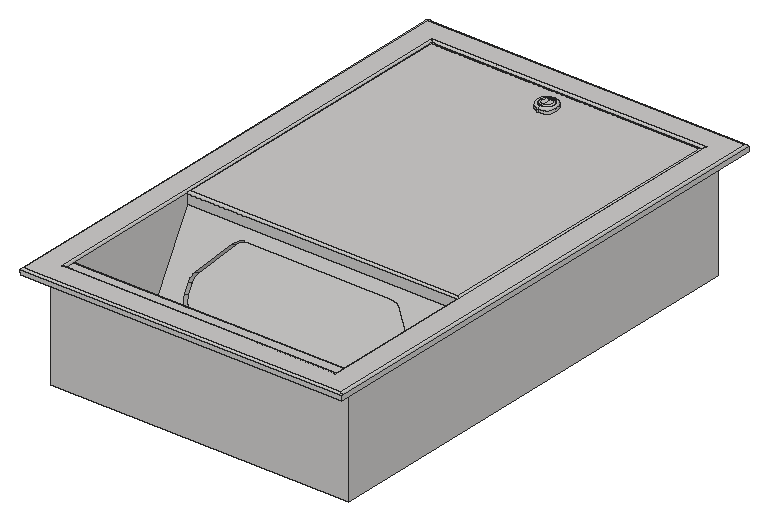
Revit family "PRD_AR_PprTwlDspnsrs_RODANPaperTowelDispenser_RODX600E", category Specialty Equipment, host Face, Revit 2018
Family settings
  Host = Face
  Round Connector Dimension = Use Diameter
  Part Type = Normal
  OmniClass Number = 23.40.20.21.17
  OmniClass Title = Paper Towel Dispensers, Disposal Units
  Cut with Voids When Loaded = Yes
  Shared = No
  Room Calculation Point = No
Parameters (values of type "RODX600E")
  WarrantyStartDate [instance] = "1900-12-31T23:59:59"
  WarrantyGuarantorParts = "n/a"
  WarrantyGuarantorLabor = "n/a"
  WarrantyDurationUnit = "year"
  WarrantyDurationParts = "n/a"
  WarrantyDurationLabor = "n/a"
  WarrantyDescription = "n/a"
  Version = "1"
  Uniclass2015Version = "Products v1.17"
  Uniclass2015Title = "Paper towel dispensers"
  Uniclass2015Code = "Pr_40_70_22_62"
  URL = "www.kwc.com"
  TypeOfOperation = "Manual operation"
  TypeOfMounting = "Recessed mounting"
  TypeOfFixing = "Screw"
  TypeOfConsumable = "Paper towel"
  TagNumber [instance] = "n/a"
  SustainabilityPerformance = "n/a"
  Style = "Dispenser"
  Size = "324 x 513 x 112 mm"
  Shape = "n/a"
  SerialNumber [instance] = "n/a"
  Revision = "n/a"
  ReplacementCost = "n/a"
  ProductInformation = "https://pim.kwc.com/product/2000090057/attachment/datasheet?locale=en"
  Offset = 0 mm
  NominalWidth = 324 mm
  NominalHeight = 513 mm
  NominalDepth = 112 mm
  NetWeight = 3.39 kg
  Name = "Paper Towel Dispenser RODX600E"
  NBSTypeID = "n/a"
  NBSReference = "45-35-72/344"
  NBSOfficeMasterTag = "n/a"
  NBSNote = "n/a"
  NBSDescription = "Paper towel dispensers"
  NBSCertification = "n/a"
  ModelReference = "RODX600E"
  ModelNumber = "2000090057"
  Model = ModelReference  # "RODX600E"
  MaterialThickness = "0.80 mm"
  MaterialCode = "1.4301"
  Material = "stainless steel"
  ManufacturerURL = "www.kwc.com"
  ManufacturerName = "KWC Group AG"  # constant formula
  Manufacturer = ManufacturerName  # "KWC Group AG"
  MainColor = "stainless steel"
  Lock = "Key-lock"
  IsBuiltIn = "TRUE"
  IntegralAccessories = "incl. stainless steel screws and dowels"
  InstallationDate [instance] = "1900-12-31T23:59:59"
  IfcExportType = "USERDEFINED"
  IfcExportAs = "IfcFurnitureType"
  GrossWeight = 3.99 kg
  Grade = "n/a"
  Finish = "satin finished"
  FillingQuantityUom = "Towels"
  FillingQuantity = "400"
  Features = "stainless steel, surface satin finished"
  ExpectedLife = "n/a"
  DurationUnit = "year"
  DispenserMaterial = PRD_AR_StainlessSteel_SatinFinished
  Description = "Paper towel dispenser for recessed mounting, stainless steel, surface satin finished, material thickness 0.8 mm, folded front cover, cylinder lock with KWC standard key, loading capacity 300 - 400 pcs. of paper depending on convolution, includes stainless steel screws and dowels."
  Default Elevation = 850 mm
  CreatedOn = "05/2020"  # constant formula
  Constituents = "n/a"
  Color = "n/a"
  CodePerformance = "n/a"
  Category = "Pr_40_70_22_62, Paper Towel Dispensers"
  BarCode [instance] = "n/a"
  BIMObjectName = "PRD_AR_PaperTowelDispensers_RODANPaperTowelDispenser_RODX600E"
  Author = "Archispace"  # constant formula
  AssetType = "Fixed"
  AssetIdentifier [instance] = "n/a"
  AccessibilityPerformance = "n/a"
Reference planes
  plane 1 "Center (Front/Back)": y = 0
  plane 2: z = 0
  plane 3 "Center (Left/Right)": x = 0
  plane 4: z = 0
Forms (mm)
  Extrusion 1, void
    sketch origin (0, 0, 0) x (0, 1, 0) y (0, 0, 1)
      loop
        line (232.5, 0) -> (-232.5, 0) -> (-232.5, -106) -> (232.5, -106) -> (232.5, 0)
    from -150.002 to 149.998
Dimensions and locks
  "Offset": plane 4 to level
  aligned and locked: plane 2 to host face
  aligned and locked: level to host face
  aligned and locked: plane 4 to Extrusion 1
  aligned and locked: plane 4 to nested 1
Automatic sketch dimensions
  host sketch curve to host sketch curve = 527.678 mm
  host sketch curve to host sketch curve = 913.127 mm
  Extrusion 1 sketch curve to level = 0 mm
  plane 1 "Center (Front/Back)" to Extrusion 1 sketch curve = 232.5 mm
  Extrusion 1 sketch curve to plane 1 "Center (Front/Back)" = 232.5 mm
  Extrusion 1 sketch curve to level = 106 mm
Nested families
  nested 1: "STRX600E" at (0, 0, -106), type "STRX600E"
Definition of nested family "STRX600E"
  Parameters (values of type "STRX600E")
    Material = none
  Reference planes
    plane 1 "Center (Front/Back)": y = 0
    plane 2: z = 0
    plane 3 "Center (Left/Right)": x = 0
    plane 4: through (0, -122.241, 20.958) normal (0, 0.8702, -0.4927)
  Forms (mm)
    Extrusion 1, solid, material <- "Material", detail levels fine
      sketch origin (0, 40.8, 0) x (1, 0, 0) y (0, 1, 0)
        loop
          line (-162, 215.7) -> (-162, -297.3) -> (162, -297.3) -> (162, 215.7) -> (-162, 215.7)
        loop
          line (137, 190.7) -> (-137, 190.7) -> (-137, -272.3) -> (137, -272.3) -> (137, 190.7)
      from 106 to 112
    Extrusion 2, void
      sketch origin (0, 40.8, 17) x (0, 1, 0) y (0, 0, 1)
        loop
          line (190.7, 89) -> (-259.3, 89) -> (-259.3, 19.803)
          arc (-259.3, 19.803) -> (-259.156, 19.058) -> (-258.745, 18.42) r 2
          line (-258.745, 18.42) -> (-226.891, -14.882)
          arc (-226.891, -14.882) -> (-226.231, -15.339) -> (-225.445, -15.5) r 2
          line (-225.445, -15.5) -> (190.7, -15.5) -> (190.7, 89)
      from -137 to 137
    Extrusion 3, solid, material <- "Material", detail levels fine
      sketch origin (0, 40.8, 0) x (0, 1, 0) y (0, 0, 1)
        loop
          line (-273.3, 0) -> (191.7, 0) -> (191.7, 106) -> (-273.3, 106) -> (-273.3, 0)
      from -150.002 to 149.998
    Extrusion 4, solid, material <- "Material", detail levels fine
      sketch origin (0, 0, 0) x (0, 1, 0) y (0, 0, 1)
        loop
          line (-122.5, 1.5) -> (231.5, 1.5) -> (231.5, 101) -> (230.7, 101) -> (230.7, 111.5) -> (-77.5, 111.5) -> (-77.5, 100) -> (-122.241, 20.958)
          arc (-122.241, 20.958) -> (-122.434, 20.483) -> (-122.5, 19.973) r 2
          line (-122.5, 19.973) -> (-122.5, 1.5)
      from -137 to 137
    Revolve 5, solid, material <- "Material", detail levels fine
      sketch origin (0, 0, 0) x (0, 1, 0) y (0, 0, 1)
        loop
          line (205, 111.5) -> (215, 111.5) -> (215, 114.2)
          arc (215, 114.2) -> (214.414, 115.614) -> (213, 116.2) r 2
          line (213, 116.2) -> (211.366, 116.2)
          arc (211.366, 116.2) -> (211, 116.566) -> (210.5, 116.7) r 1
          line (210.5, 116.7) -> (205, 116.7) -> (205, 111.5)
        axis (205, 116.7) -> (205, 111.5)
      angle from 0 to 360
    Sweep 6, void
      path in 3D
        loop
          line (137, -231.5, 112) -> (-137, -231.5, 112) -> (-137, 231.5, 112) -> (137, 231.5, 112) -> (137, -231.5, 112)
      profile origin (137, 0, 112) x (1, 0, 0) y (0, 0, 1)
        loop
          line (0, 0) -> (0, -2)
          arc (0, -2) -> (0.586, -0.586) -> (2, 0) r 2
          line (2, 0) -> (0, 0)
    Sweep 7, void
      path in 3D
        loop
          line (-137, -77.5, 111.5) -> (-137, 230.7, 111.5) -> (137, 230.7, 111.5) -> (137, -77.5, 111.5) -> (-137, -77.5, 111.5)
      profile origin (0, -77.5, 111.5) x (0, -1, 0) y (0, 0, 1)
        loop
          line (0, 0) -> (-2, 0)
          arc (-2, 0) -> (-0.586, -0.586) -> (0, -2) r 2
          line (0, -2) -> (0, 0)
    Extrusion 8, solid, material <- "Material", detail levels fine
      sketch origin (0, 0, 0) x (0, 1, 0) y (0, 0, 1)
        loop
          line (-231.5, 110) -> (-231.5, 106) -> (-218.5, 106) -> (-218.5, 108)
          arc (-218.5, 108) -> (-219.086, 109.414) -> (-220.5, 110) r 2
          line (-220.5, 110) -> (-231.5, 110)
      from -137 to 137
    Extrusion 9, void
      sketch origin (0, -122.241, 20.958) x (0, -0.492746, -0.870173) y (-1, 0, 0)
        loop
          line (-80.026, 72.818) -> (-80.026, -72.818)
          arc (-80.026, -72.818) -> (-78.555, -79.296) -> (-74.431, -84.503) r 15
          line (-74.431, -84.503) -> (-43.144, -109.685)
          arc (-43.144, -109.685) -> (-38.725, -112.147) -> (-33.739, -113) r 15
          line (-33.739, -113) -> (-24.026, -113)
          arc (-24.026, -113) -> (-13.419, -108.607) -> (-9.026, -98) r 15
          line (-9.026, -98) -> (-9.026, 98)
          arc (-9.026, 98) -> (-13.419, 108.607) -> (-24.026, 113) r 15
          line (-24.026, 113) -> (-33.739, 113)
          arc (-33.739, 113) -> (-38.725, 112.147) -> (-43.144, 109.685) r 15
          line (-43.144, 109.685) -> (-74.431, 84.503)
          arc (-74.431, 84.503) -> (-78.555, 79.296) -> (-80.026, 72.818) r 15
      from -39.539 to 5
    Revolve 10, solid, material <- "Material", detail levels medium
      sketch origin (0, 0, 0) x (0, 1, 0) y (0, 0, 1)
        loop
          line (205, 111.5) -> (215, 111.5) -> (215, 116.7) -> (205, 116.7) -> (205, 111.5)
        axis (205, 116.7) -> (205, 111.5)
      angle from 0 to 360
    Sweep 11, void
      path in 3D
        loop
          line (-162, 256.5, 112) -> (-162, -256.5, 112) -> (162, -256.5, 112) -> (162, 256.5, 112) -> (-162, 256.5, 112)
      profile origin (0, 256.5, 112) x (0, -1, 0) y (0, 0, 1)
        loop
          line (0, 0) -> (0, -2)
          arc (0, -2) -> (0.586, -0.586) -> (2, 0) r 2
          line (2, 0) -> (0, 0)
    Extrusion 12, solid, material <- "Material", detail levels medium
      sketch origin (0, 40.8, 0) x (1, 0, 0) y (0, 1, 0)
        loop
          line (-162, 215.7) -> (-162, -297.3) -> (162, -297.3) -> (162, 215.7) -> (-162, 215.7)
        loop
          line (137, 190.7) -> (-137, 190.7) -> (-137, -272.3) -> (137, -272.3) -> (137, 190.7)
      from 106 to 112
    Extrusion 13, solid, material <- "Material", detail levels medium
      sketch origin (0, 0, 0) x (0, 1, 0) y (0, 0, 1)
        loop
          line (-122.5, 1.5) -> (231.5, 1.5) -> (231.5, 111.5) -> (-77.5, 111.5) -> (-77.5, 100) -> (-122.5, 20.5) -> (-122.5, 1.5)
      from -137 to 137
    Extrusion 14, solid, material <- "Material", detail levels medium
      sketch origin (0, 40.8, 0) x (0, 1, 0) y (0, 0, 1)
        loop
          line (-273.3, 0) -> (191.7, 0) -> (191.7, 106) -> (-273.3, 106) -> (-273.3, 0)
      from -150.002 to 149.998
    Extrusion 15, void
      sketch origin (0, 0, 0) x (0, 1, 0) y (0, 0, 1)
        loop
          line (231.5, 106) -> (-218.5, 106) -> (-218.5, 36) -> (-185.5, 1.5) -> (231.5, 1.5) -> (231.5, 106)
      from -137 to 137
    Extrusion 16, solid, material <- "Material", detail levels medium
      sketch origin (0, 0, 0) x (0, 1, 0) y (0, 0, 1)
        loop
          line (-231.5, 110) -> (-231.5, 106) -> (-218.5, 106) -> (-218.5, 110) -> (-231.5, 110)
      from -137 to 137
    Extrusion 17, solid, material <- "Material", detail levels coarse
      sketch origin (0, 40.8, 0) x (0, 1, 0) y (0, 0, 1)
        loop
          line (-273.3, 0) -> (191.7, 0) -> (191.7, 106) -> (-273.3, 106) -> (-273.3, 0)
      from -150.002 to 149.998
    Extrusion 18, solid, material <- "Material", detail levels coarse
      sketch origin (0, 40.8, 0) x (1, 0, 0) y (0, 1, 0)
        loop
          line (-162, 215.7) -> (-162, -297.3) -> (162, -297.3) -> (162, 215.7) -> (-162, 215.7)
      from 106 to 112
  Cuts and joins
    Sweep 6, Sweep 11 cuts Extrusion 1
    Extrusion 2 cuts Extrusion 3
    joined: Extrusion 1, Extrusion 3, Extrusion 8
    Sweep 7, Extrusion 9 cuts Extrusion 4
    Extrusion 15 cuts Extrusion 14
    joined: Extrusion 14, Extrusion 16
  Lines and regions (mm)
    sketch lines
      curve 1: line (137, 231.5, 112) -> (137, -231.5, 112)
      curve 2: line (137, -231.5, 112) -> (-137, -231.5, 112)
      curve 3: line (-137, -231.5, 112) -> (-137, 231.5, 112)
      curve 4: line (-137, 231.5, 112) -> (137, 231.5, 112)
      curve 5: line (137, -77.5, 111.5) -> (-137, -77.5, 111.5)
      curve 6: line (137, 230.7, 111.5) -> (137, -77.5, 111.5)
      curve 7: line (-137, -77.5, 111.5) -> (-137, 230.7, 111.5)
      curve 8: line (137, 230.7, 111.5) -> (-137, 230.7, 111.5)
      curve 9: line (162, 256.5, 112) -> (-162, 256.5, 112)
      curve 10: line (-162, 256.5, 112) -> (-162, -256.5, 112)
      curve 11: line (-162, -256.5, 112) -> (162, -256.5, 112)
      curve 12: line (162, -256.5, 112) -> (162, 256.5, 112)
  Dimensions and locks
    aligned and locked: level to plane 2
